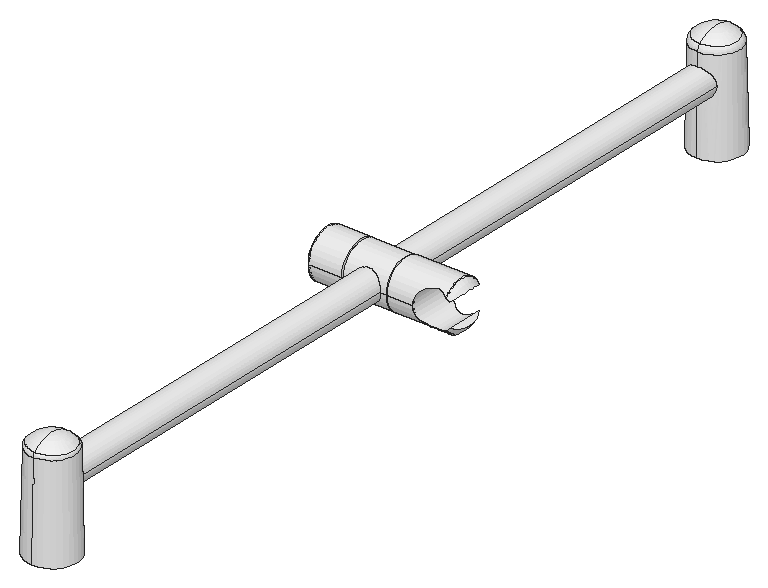
Revit family "Shower_Bar-GROHE-Euphoria-27499000", category Specialty Equipment, host Face, Revit 2014
Parameters
  cUPC Compliant = yes
  Width = 2 7/8"
  Warranty Documentation Link = "https://cdn.cloud.grohe.com/tpi/1000/1900/1940/1949/1949006/original/1949006.pdf"
  URL = "https://www.grohe.us/"
  Type Comments = ""
  Product Page URL = "https://www.grohe.us/en_us/euphoria-24-shower-bar-27499000.html"
  Price = "Prices may vary. Please consult Manufacturer Representative for most up-to-date price list."  # constant formula
  Model = "27499000"
  Material = "Metal-Grohe-000-Chrome"
  Manufacturer = "Grohe"
  Length = 3 3/16"  # constant formula
  Installation Type = "Wall Mounted"
  Height = 24 7/16"
  Finish = Metal-Grohe-000-Chrome
  Description = "Euphoria 24\" Shower Bar"
  Default Elevation = 68"  # constant formula
  Creation Date = "03/01/2017"  # constant formula
  CalGreen Compliant = yes
  Assembly Code = "D2010710"
Reference planes (in)
  plane 1 "Center (Front/Back)": y = 0
  plane 2: z = 0
  plane 3 "Center (Left/Right)": x = 0
  plane 4: x = -1.4375
  plane 5: x = 1.4375
  plane 6: z = 2.40157
  plane 7: z = 1.53543
  plane 8: z = 1.96181
  plane 9: x = -6
  plane 10: y = 12.21875
  plane 11: y = -12.21875
  plane 12: z = 3.1875
  plane 13: x = 1.9422
  plane 14: y = 0.0625
  plane 15: y = -9.94675
  plane 16: x = -1.44997
  plane 17: x = -0.90067
Forms (in)
  Revolve 1, solid, material "Metal-Grohe-000-Chrome" <- "Finish"
    sketch origin (0, 0, 0) x (0, 1, 0) y (0, 0, 1)
      loop
        line (12.21875, 0) -> (12.9513, 0) -> (12.90283, 2.77689)
        arc (12.90283, 2.77689) -> (12.88001, 2.87696) -> (12.8189, 2.95943) r 0.25
        arc (12.8189, 2.95943) -> (12.53976, 3.12856) -> (12.21875, 3.1875) r 0.90366
        line (12.21875, 3.1875) -> (12.21875, 0)
      axis (12.21875, 3.1875) -> (12.21875, 0)
    angle from 0 to 360
  Extrusion 2, solid, material "Metal-Grohe-000-Chrome" <- "Finish"
    sketch origin (0, 0, 0) x (1, 0, 0) y (0, 0, 1)
      loop
        circle (0, 1.96181) r 0.43977
    from -12.21875 to 12.21875
  Revolve 3, solid, material "Metal-Grohe-000-Chrome" <- "Finish"
    sketch origin (0, 0, 0) x (0, -1, 0) y (0, 0, 1)
      loop
        line (12.21875, 0) -> (12.9513, 0) -> (12.90213, 2.81713)
        arc (12.90213, 2.81713) -> (12.88982, 2.87489) -> (12.85674, 2.92382) r 0.15446
        arc (12.85674, 2.92382) -> (12.56392, 3.11898) -> (12.21875, 3.1875) r 0.90366
        line (12.21875, 3.1875) -> (12.21875, 0)
      axis (12.21875, 3.1875) -> (12.21875, 0)
    angle from 0 to 360
  Revolve 4, solid, material "Metal-Grohe-000-Chrome" <- "Finish"
    sketch origin (0, 0, 1.96181) x (1, 0, 0) y (0, 1, 0)
      loop
        line (-1.95278, 0) -> (2.64519, 0)
        arc (2.64519, 0) -> (2.54925, 0.39346) -> (2.28298, 0.6986) r 0.85482
        arc (2.28298, 0.6986) -> (2.2679, 0.70609) -> (2.25127, 0.70866) r 0.05503
        line (2.25127, 0.70866) -> (0.66339, 0.70866) -> (0.66339, 0.65724) -> (0.62621, 0.65724) -> (0.62621, 0.70866) -> (-0.62992, 0.70866) -> (-0.62992, 0.65724) -> (-0.68307, 0.65724) -> (-0.68307, 0.70866) -> (-1.64819, 0.70866)
        arc (-1.64819, 0.70866) -> (-1.66596, 0.70495) -> (-1.68075, 0.69443) r 0.04436
        arc (-1.68075, 0.69443) -> (-1.88234, 0.37291) -> (-1.95278, 0) r 1.02238
      axis (2.64519, 0) -> (-1.95278, 0)
    angle from 0 to 360
  Extrusion 5, void
    sketch origin (0, 0, 0) x (1, 0, 0) y (0, 0, 1)
      loop
        arc (2.35799, 2.30852) -> (1.39819, 1.95772) -> (2.35799, 1.60691) r 0.54401
        line (2.35799, 1.60691) -> (2.61361, 1.39125)
        arc (2.61361, 1.39125) -> (2.73029, 1.95772) -> (2.61361, 2.52419) r 1.43348
        line (2.61361, 2.52419) -> (2.35799, 2.30852)
    from -0.96532 to 1.45825
  Extrusion 6, solid, material "Metal-Grohe-000-Chrome" <- "Finish"
    sketch origin (0.15234, 0, 0) x (1, 0, 0) y (0, 0, 1)
      loop
        circle (-1.32365, 1.96181) r 0.26619
    from -0.80288 to 0
Cuts and joins
  Extrusion 5 cuts Revolve 1
  Extrusion 5 cuts Extrusion 2
  Extrusion 5 cuts Revolve 3
  Extrusion 5 cuts Revolve 4
  joined: Revolve 1, Extrusion 2, Revolve 3, Revolve 4, Extrusion 6
Lines and regions (in)
  Masking region 1
    outline origin (0, 0, 0) x (1, 0, 0) y (0, 0, 1)
      loop
        arc (2.30266, 1.25984) -> (2.41447, 1.36162) -> (2.50684, 1.48133) r 0.86429
        line (2.50684, 1.48133) -> (2.35799, 1.60691)
        arc (2.35799, 1.60691) -> (1.39819, 1.95772) -> (2.35799, 2.30852) r 0.54401
        line (2.35799, 2.30852) -> (2.49819, 2.42681)
        arc (2.49819, 2.42681) -> (2.38806, 2.56069) -> (2.25342, 2.66991) r 0.86429
        line (2.25342, 2.66991) -> (0.68955, 2.66991) -> (0.68234, 2.8763)
        arc (0.68234, 2.8763) -> (0, 3.1904) -> (-0.68234, 2.8763) r 0.89821
        line (-0.68234, 2.8763) -> (-0.68582, 2.67717) -> (-1.66732, 2.67717)
        arc (-1.66732, 2.67717) -> (-1.96264, 1.9685) -> (-1.66732, 1.25984) r 0.99793
        line (-1.66732, 1.25984) -> (-0.71056, 1.25984) -> (-0.73255, 0) -> (0.73255, 0) -> (0.71056, 1.25984) -> (2.30266, 1.25984)
  symbolic lines, detail levels medium+fine
    curve 1: line (0.68234, 0, 2.8763) -> (0.71056, 0, 1.25984)
    curve 2: line (-0.71056, 0, 1.25984) -> (-0.68582, 0, 2.67717)
    curve 3: circle (-1.17131, 0, 1.96181) r 0.26619 normal (0, -1, 0)
Dimensions and locks (in)
  equal spacing: plane 4, plane 3 "Center (Left/Right)", plane 5
  locked: plane 4 to plane 5 at 2.875
  plane 9 to plane 3 "Center (Left/Right)" = 6"
  equal spacing: plane 10, plane 1 "Center (Front/Back)", plane 11
  "Height": plane 10 to plane 11
  "Length": plane 12 to level
  locked: plane 3 "Center (Left/Right)" to plane 13 at 1.9422
  locked: plane 14 to plane 1 "Center (Front/Back)" at 0.0625
  locked: plane 15 to plane 11 at 2.272
  diameter of Extrusion 2 sketch curve = 0.87953"
  aligned and locked: plane 2 to host face
  aligned and locked: level to host face
  aligned and locked: Extrusion 2 to plane 11
  aligned and locked: plane 3 "Center (Left/Right)" to Extrusion 2 sketch curve
  aligned and locked: plane 8 to Extrusion 2 sketch curve
  aligned and locked: Revolve 1 sketch curve to plane 10
  aligned and locked: plane 10 to Revolve 1 sketch curve
  aligned and locked: level to Revolve 1 sketch curve
  aligned and locked: plane 11 to Revolve 3 sketch curve
  aligned and locked: Revolve 3 sketch curve to plane 11
  aligned and locked: Revolve 3 sketch curve to level
  aligned and locked: plane 8 to cut or joined group of Revolve 1, Extrusion 2, Revolve 3, Revolve 4, Extrusion 5, Extrusion 6
  aligned and locked: cut or joined group of Revolve 1, Extrusion 2, Revolve 3, Revolve 4, Extrusion 5, Extrusion 6 to plane 10
Automatic sketch dimensions
  host sketch curve to host sketch curve = 96"  (x2)
  plane 1 "Center (Front/Back)" to Revolve 4 sketch curve = 0"  (x2)
  Revolve 4 sketch curve to plane 16 = 0.50281"
  Revolve 4 sketch curve to plane 16 = 0.19823"
  Revolve 4 sketch curve to plane 17 = 0.02973"
  plane 17 to Revolve 4 sketch curve = 0.2176"
  Revolve 4 sketch curve to Revolve 4 sketch curve = 0.05315"
  plane 3 "Center (Left/Right)" to Revolve 4 sketch curve = 0.62621"
  Revolve 4 sketch curve to Revolve 4 sketch curve = 0.03718"
  Revolve 4 sketch curve to plane 13 = 0.15183"
  plane 13 to Revolve 4 sketch curve = 0.30907"
  plane 13 to Revolve 4 sketch curve = 0.70299"
  plane 14 to Revolve 4 sketch curve = 0.59113"
  plane 14 to Revolve 4 sketch curve = 0.59474"  (x2)
  plane 14 to Revolve 4 sketch curve = 0.6018"
  Revolve 4 sketch curve to Revolve 4 sketch curve = 0.05142"  (x2)
  Revolve 4 sketch curve to Revolve 4 sketch curve = 0"
  Revolve 4 sketch curve to Revolve 4 sketch curve = 0.67466"
  Revolve 4 sketch curve to Revolve 4 sketch curve = 1/4"
  Extrusion 5 sketch curve to plane 13 = 0"
  plane 8 to Extrusion 5 sketch curve = 0.00409"  (x2)
  plane 5 to Extrusion 5 sketch curve = 0.14069"
  Extrusion 5 sketch curve to plane 6 = 0.09306"
  plane 13 to Extrusion 5 sketch curve = 0.41579"
  plane 7 to Extrusion 5 sketch curve = 0.07148"
  plane 6 to Extrusion 5 sketch curve = 0.12261"
  Extrusion 5 sketch curve to plane 7 = 0.14419"
  Extrusion 5 sketch curve to Extrusion 5 sketch curve = 0.25562"
  Extrusion 5 sketch curve to Extrusion 5 sketch curve = 0"
  Masking region 1 sketch curve to level = 0"
  Masking region 1 sketch curve to plane 3 "Center (Left/Right)" = 0"
  plane 17 to Masking region 1 sketch curve = 0.21833"
  Masking region 1 sketch curve to Masking region 1 sketch curve = 0.00348"
  plane 17 to Masking region 1 sketch curve = 0.19011"
  plane 17 to Masking region 1 sketch curve = 0.16812"
  Masking region 1 sketch curve to plane 8 = 0.00669"
  Masking region 1 sketch curve to plane 17 = 0.06404"
  Masking region 1 sketch curve to plane 12 = 0.3112"
  plane 3 "Center (Left/Right)" to Masking region 1 sketch curve = 0.68234"
  Masking region 1 sketch curve to Masking region 1 sketch curve = 0.00721"
  Masking region 1 sketch curve to plane 7 = 0.27559"  (x2)
  plane 3 "Center (Left/Right)" to Masking region 1 sketch curve = 0.71056"
  plane 5 to Masking region 1 sketch curve = 0.70495"
  plane 8 to Masking region 1 sketch curve = 0.01436"
  Masking region 1 sketch curve to plane 13 = 0.16318"
  Masking region 1 sketch curve to plane 6 = 7/64"
  Masking region 1 sketch curve to Masking region 1 sketch curve = 0.2064"
  Masking region 1 sketch curve to plane 13 = 0"
  Masking region 1 sketch curve to plane 6 = 0.09306"
  plane 8 to Masking region 1 sketch curve = 0.00409"
  plane 7 to Masking region 1 sketch curve = 0.07148"
  plane 6 to Masking region 1 sketch curve = 0.02523"
  Masking region 1 sketch curve to plane 7 = 0.05411"
  Masking region 1 sketch curve to Masking region 1 sketch curve = 0"  (x2)
  Masking region 1 sketch curve to Masking region 1 sketch curve = 0.00865"
  Masking region 1 sketch curve to Masking region 1 sketch curve = 0.20419"
  Masking region 1 sketch curve to Masking region 1 sketch curve = 0.1402"
  Masking region 1 sketch curve to plane 16 = 0.21736"  (x2)
  Extrusion 6 sketch curve to plane 8 = 0"
  plane 4 to Extrusion 6 sketch curve = 0.26619"
  curve 3 to plane 8 = 0"
  plane 4 to curve 3 = 0.26619"
  plane 17 to curve 2 = 0.19011"
  plane 17 to curve 2 = 55/256"
  curve 1 to plane 12 = 0.3112"
  plane 3 "Center (Left/Right)" to curve 1 = 0.68234"
  curve 1 to plane 7 = 0.27559"
  plane 3 "Center (Left/Right)" to curve 1 = 0.71056"
  curve 2 to plane 7 = 0.27559"
  plane 6 to curve 2 = 0.27559"
  Revolve 1 sketch curve to plane 12 = 0"
  Revolve 1 sketch curve to plane 10 = 0.43412"
  plane 6 to Revolve 1 sketch curve = 0.37532"
  Revolve 1 sketch curve to Revolve 1 sketch curve = 0.24996"
  Revolve 1 sketch curve to plane 10 = 0.73255"
  Revolve 1 sketch curve to plane 6 = 0.11774"
  Revolve 1 sketch curve to Revolve 1 sketch curve = 0.00436"
  Revolve 1 sketch curve to Revolve 1 sketch curve = 0.86707"
  Revolve 1 sketch curve to Revolve 1 sketch curve = 0.58022"
  Revolve 3 sketch curve to plane 12 = 0"
  plane 11 to Revolve 3 sketch curve = 0.52894"
  plane 12 to Revolve 3 sketch curve = 0.37037"
  Revolve 3 sketch curve to Revolve 3 sketch curve = 0.15443"
  plane 11 to Revolve 3 sketch curve = 0.73255"
  plane 6 to Revolve 3 sketch curve = 0.11774"
  Revolve 3 sketch curve to Revolve 3 sketch curve = 0.0027"
  Revolve 3 sketch curve to Revolve 3 sketch curve = 0.86707"
  Revolve 3 sketch curve to Revolve 3 sketch curve = 0.58022"
  radius of Extrusion 6 sketch curve = 0.26619"
  radius of curve 3 = 0.26619"
